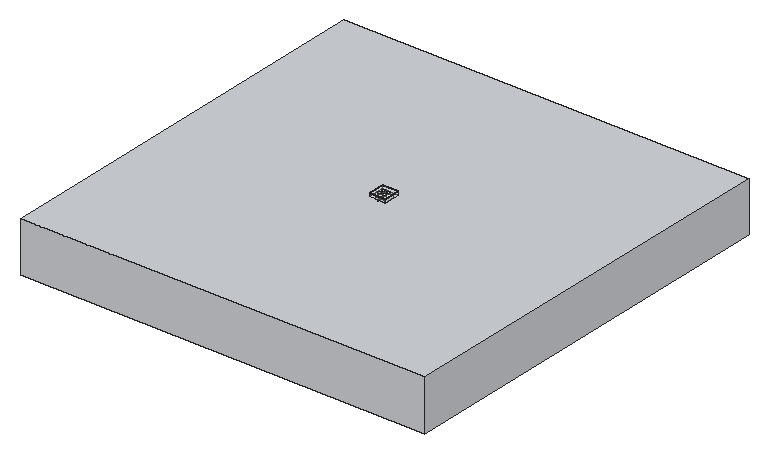
Revit family
Parameters (values of type "SURFACE-LED SUPPLY 500ma-DC")
  Wattage = 9.2903 W
  built-in parameter 1150110 = 1 (stored number, unit not read)
  built-in parameter 1114217 = 4 (stored number, unit not read)
  Tilt Angle = 90.00°
  built-in parameter 1150109 = 1 (stored number, unit not read)
  built-in parameter 1150134 = 1
  built-in parameter 1150113 = 1 (stored number, unit not read)
  Photometric Web File = "4L-S-40-WW-500.ies"
  Offset_Ceil = 0.000 mm
  built-in parameter 1150142 = "IESNA:LM-63-1995\r\n[TEST]\t\t142\r\n[MANUFAC]\tDelta Light NV\r\n[LUMCAT]\t0\r\n[LUMINAIRE]\tDOT.COM S4 WW module - 500 mA - lens 40°\r\n[LAMP]\t\tLED\r\n[DATE]\t\t2/09/2010 / Mafo\r\n[OTHER]\t\tEULUMDAT file:\r\n Q:\\LICHTMETINGEN\\Metingen\\100601\\Relux\\4L-S-40-WW-500.LDT\r\nTILT=NONE\r\n4 109.0 0.436 19 24 1 2 0.10 0.10 0.00\r\n1.0 1 10.0\r\n0.0 5.0 10.0 15.0 20.0 25.0 30.0 35.0 40.0 45.0 50.0 55.0 60.0 65.0 70.0 75.0 80.0 85.0 90.0\r\n0.0 15.0 30.0 45.0 60.0 75.0 90.0 105.0 120.0 135.0 150.0 165.0 180.0 195.0 210.0 225.0 240.0 255.0 270.0 285.0 300.0 315.0 330.0\r\n 345.0 360.0\r\n1482.8 1503.7 1453.8 1208.6 793.4 413.7 171.9 70.9 39.6 29.0 24.1 20.7 15.8 15.8 12.6 9.2 6.3 3.7 1.8\r\n1477.5 1508.1 1462.2 1220.0 811.2 428.5 176.5 75.0 40.8 29.3 24.3 20.8 18.4 15.9 12.4 9.1 6.3 3.7 2.0\r\n1477.2 1509.3 1455.1 1229.2 826.0 437.7 182.9 76.1 40.9 29.3 24.4 20.8 17.7 15.9 12.8 9.3 6.5 3.9 2.2\r\n1478.8 1510.5 1459.3 1234.0 832.9 435.2 181.7 75.5 40.0 29.3 24.3 20.7 18.3 15.8 12.4 9.1 6.3 3.8 2.2\r\n1483.2 1504.3 1448.4 1224.6 818.3 427.8 182.0 71.8 39.3 28.9 23.9 20.4 17.0 15.7 12.6 9.3 6.5 3.9 2.1\r\n1489.7 1501.8 1448.2 1227.3 823.9 435.3 180.9 75.3 40.3 28.9 24.0 20.5 18.2 15.8 12.4 9.1 6.3 3.7 1.8\r\n1488.8 1496.8 1447.3 1227.2 828.2 447.5 193.8 76.7 41.0 29.2 23.6 20.3 15.5 15.8 12.5 9.2 6.3 3.7 1.8\r\n1489.7 1501.8 1448.2 1227.3 823.9 435.3 180.9 75.3 40.3 28.9 24.0 20.5 18.2 15.8 12.4 9.1 6.3 3.7 1.8\r\n1483.2 1504.3 1448.4 1224.6 818.3 427.8 182.0 71.8 39.3 28.9 23.9 20.4 17.0 15.7 12.6 9.3 6.5 3.9 2.1\r\n1478.8 1510.5 1459.3 1234.0 832.9 435.2 181.7 75.5 40.0 29.3 24.3 20.7 18.3 15.8 12.4 9.1 6.3 3.8 2.2\r\n1477.2 1509.3 1455.1 1229.2 826.0 437.7 182.9 76.1 40.9 29.3 24.4 20.8 17.7 15.9 12.8 9.3 6.5 3.9 2.2\r\n1477.5 1508.1 1462.2 1220.0 811.2 428.5 176.5 75.0 40.8 29.3 24.3 20.8 18.4 15.9 12.4 9.1 6.3 3.7 2.0\r\n1482.8 1503.7 1453.8 1208.6 793.4 413.7 171.9 70.9 39.6 29.0 24.1 20.7 15.8 15.8 12.6 9.2 6.3 3.7 1.8\r\n1477.5 1508.1 1462.2 1220.0 811.2 428.5 176.5 75.0 40.8 29.3 24.3 20.8 18.4 15.9 12.4 9.1 6.3 3.7 2.0\r\n1477.2 1509.3 1455.1 1229.2 826.0 437.7 182.9 76.1 40.9 29.3 24.4 20.8 17.7 15.9 12.8 9.3 6.5 3.9 2.2\r\n1478.8 1510.5 1459.3 1234.0 832.9 435.2 181.7 75.5 40.0 29.3 24.3 20.7 18.3 15.8 12.4 9.1 6.3 3.8 2.2\r\n1483.2 1504.3 1448.4 1224.6 818.3 427.8 182.0 71.8 39.3 28.9 23.9 20.4 17.0 15.7 12.6 9.3 6.5 3.9 2.1\r\n1489.7 1501.8 1448.2 1227.3 823.9 435.3 180.9 75.3 40.3 28.9 24.0 20.5 18.2 15.8 12.4 9.1 6.3 3.7 1.8\r\n1488.8 1496.8 1447.3 1227.2 828.2 447.5 193.8 76.7 41.0 29.2 23.6 20.3 15.5 15.8 12.5 9.2 6.3 3.7 1.8\r\n1489.7 1501.8 1448.2 1227.3 823.9 435.3 180.9 75.3 40.3 28.9 24.0 20.5 18.2 15.8 12.4 9.1 6.3 3.7 1.8\r\n1483.2 1504.3 1448.4 1224.6 818.3 427.8 182.0 71.8 39.3 28.9 23.9 20.4 17.0 15.7 12.6 9.3 6.5 3.9 2.1\r\n1478.8 1510.5 1459.3 1234.0 832.9 435.2 181.7 75.5 40.0 29.3 24.3 20.7 18.3 15.8 12.4 9.1 6.3 3.8 2.2\r\n1477.2 1509.3 1455.1 1229.2 826.0 437.7 182.9 76.1 40.9 29.3 24.4 20.8 17.7 15.9 12.8 9.3 6.5 3.9 2.2\r\n1477.5 1508.1 1462.2 1220.0 811.2 428.5 176.5 75.0 40.8 29.3 24.3 20.8 18.4 15.9 12.4 9.1 6.3 3.7 2.0\r\n1482.8 1503.7 1453.8 1208.6 793.4 413.7 171.9 70.9 39.6 29.0 24.1 20.7 15.8 15.8 12.6 9.2 6.3 3.7 1.8\r\n"
  built-in parameter 1150105 = 109.82 (stored number, unit not read)
  Lumens = 1380 lm
  built-in parameter 1150115 = 1 (stored number, unit not read)
  Load Classification = Lighting - Dwelling Unit
  built-in parameter 1150137 = (empty or 0)
  built-in parameter 1150139 = (empty or 0)
  Light Box Material = Metal - Paint Finish - Ivory, Glossy
  built-in parameter 1150112 = 1 (stored number, unit not read)
  built-in parameter 1150114 = 1 (stored number, unit not read)
  Lamp = "T-12"
  built-in parameter 1150132 = (empty or 0)
  built-in parameter 1150102 = (empty or 0)
  built-in parameter 1150107 = 6500 (stored number, unit not read)
  built-in parameter 1150138 = (empty or 0)
  built-in parameter 1150106 = 1.0982 (stored number, unit not read)
  Emit from Rectangle Width = 100.000 mm
  Emit from Rectangle Length = 100.000 mm
  Emit Shape Visible in Rendering = no
  built-in parameter 1150104 = 13.8 (stored number, unit not read)
  Dimming Lamp Color Temperature Shift = (empty or 0)
  Diffuser Material = Glass - White, High Luminance
  Default Elevation = 1219.200 mm
  Color Filter = 16777215
  built-in parameter 1140040 [instance] = 1
  Ballast Voltage = 277 V
  Ballast Number of Poles = 1
  built-in parameter 1114218 = 1 (stored number, unit not read)
  built-in parameter 1150133 = 10 (stored number, unit not read)
  Assembly Code = "D5020210"
  Apparent Load = 80 VA
Types (4, lengths in mm): name | built-in parameter 1150134 | Photometric Web File | Offset_Ceil | built-in parameter 1150142 | built-in parameter 1150107
  RECESSED-LED SUPPLY 350ma-DC | 3 | "4L-S-40-WW-350.ies" | 12.000 | "IESNA:LM-63-1995\r\n[TEST]\t\t141\r\n[MANUFAC]\tDelta Light NV\r\n[LUMCAT]\t0\r\n[LUMINAIRE]\tDOT.COM S4 WW module - 350 mA - lens 40°\r\n[LAMP]\t\tLED\r\n[DATE]\t\t2/09/2010 / Mafo\r\n[OTHER]\t\tEULUMDAT file:\r\n Q:\\LICHTMETINGEN\\Metingen\\100601\\Relux\\4L-S-40-WW-350.ldt\r\nTILT=NONE\r\n4 80.5 0.322 19 24 1 2 0.10 0.10 0.00\r\n1.0 1 6.0\r\n0.0 5.0 10.0 15.0 20.0 25.0 30.0 35.0 40.0 45.0 50.0 55.0 60.0 65.0 70.0 75.0 80.0 85.0 90.0\r\n0.0 15.0 30.0 45.0 60.0 75.0 90.0 105.0 120.0 135.0 150.0 165.0 180.0 195.0 210.0 225.0 240.0 255.0 270.0 285.0 300.0 315.0 330.0\r\n 345.0 360.0\r\n1575.7 1616.7 1567.8 1298.9 848.0 440.6 169.4 74.8 41.5 30.4 25.3 21.9 20.3 16.9 13.4 9.9 6.8 4.0 2.0\r\n1575.5 1612.0 1566.3 1313.3 877.3 464.6 185.2 80.5 43.6 31.5 26.1 24.0 20.5 17.1 13.5 9.9 6.8 4.0 2.2\r\n1574.2 1610.3 1551.0 1312.8 881.7 469.4 188.0 82.7 44.4 31.8 26.4 21.4 20.9 17.5 13.8 10.1 7.0 4.2 2.3\r\n1577.3 1609.2 1550.1 1307.0 880.6 465.2 186.5 81.6 43.3 31.6 26.1 23.4 20.4 17.0 13.4 9.8 6.8 4.0 2.3\r\n1583.6 1605.3 1540.4 1298.9 864.1 455.0 183.4 77.5 42.8 31.3 25.8 21.8 20.5 17.2 13.6 10.0 7.0 4.2 2.3\r\n1588.4 1603.9 1544.3 1305.7 875.2 463.8 189.1 81.3 43.8 31.4 25.9 23.9 20.5 17.0 13.5 9.9 6.8 4.0 2.0\r\n1590.5 1593.9 1539.2 1302.3 880.7 475.2 196.1 84.0 44.7 31.5 25.6 21.0 20.5 17.1 13.5 9.9 6.8 4.0 2.0\r\n1588.4 1603.9 1544.3 1305.7 875.2 463.8 189.1 81.3 43.8 31.4 25.9 23.9 20.5 17.0 13.5 9.9 6.8 4.0 2.0\r\n1583.6 1605.3 1540.4 1298.9 864.1 455.0 183.4 77.5 42.8 31.3 25.8 21.8 20.5 17.2 13.6 10.0 7.0 4.2 2.3\r\n1577.3 1609.2 1550.1 1307.0 880.6 465.2 186.5 81.6 43.3 31.6 26.1 23.4 20.4 17.0 13.4 9.8 6.8 4.0 2.3\r\n1574.2 1610.3 1551.0 1312.8 881.7 469.4 188.0 82.7 44.4 31.8 26.4 21.4 20.9 17.5 13.8 10.1 7.0 4.2 2.3\r\n1575.5 1612.0 1566.3 1313.3 877.3 464.6 185.2 80.5 43.6 31.5 26.1 24.0 20.5 17.1 13.5 9.9 6.8 4.0 2.2\r\n1575.7 1616.7 1567.8 1298.9 848.0 440.6 169.4 74.8 41.5 30.4 25.3 21.9 20.3 16.9 13.4 9.9 6.8 4.0 2.0\r\n1575.5 1612.0 1566.3 1313.3 877.3 464.6 185.2 80.5 43.6 31.5 26.1 24.0 20.5 17.1 13.5 9.9 6.8 4.0 2.2\r\n1574.2 1610.3 1551.0 1312.8 881.7 469.4 188.0 82.7 44.4 31.8 26.4 21.4 20.9 17.5 13.8 10.1 7.0 4.2 2.3\r\n1577.3 1609.2 1550.1 1307.0 880.6 465.2 186.5 81.6 43.3 31.6 26.1 23.4 20.4 17.0 13.4 9.8 6.8 4.0 2.3\r\n1583.6 1605.3 1540.4 1298.9 864.1 455.0 183.4 77.5 42.8 31.3 25.8 21.8 20.5 17.2 13.6 10.0 7.0 4.2 2.3\r\n1588.4 1603.9 1544.3 1305.7 875.2 463.8 189.1 81.3 43.8 31.4 25.9 23.9 20.5 17.0 13.5 9.9 6.8 4.0 2.0\r\n1590.5 1593.9 1539.2 1302.3 880.7 475.2 196.1 84.0 44.7 31.5 25.6 21.0 20.5 17.1 13.5 9.9 6.8 4.0 2.0\r\n1588.4 1603.9 1544.3 1305.7 875.2 463.8 189.1 81.3 43.8 31.4 25.9 23.9 20.5 17.0 13.5 9.9 6.8 4.0 2.0\r\n1583.6 1605.3 1540.4 1298.9 864.1 455.0 183.4 77.5 42.8 31.3 25.8 21.8 20.5 17.2 13.6 10.0 7.0 4.2 2.3\r\n1577.3 1609.2 1550.1 1307.0 880.6 465.2 186.5 81.6 43.3 31.6 26.1 23.4 20.4 17.0 13.4 9.8 6.8 4.0 2.3\r\n1574.2 1610.3 1551.0 1312.8 881.7 469.4 188.0 82.7 44.4 31.8 26.4 21.4 20.9 17.5 13.8 10.1 7.0 4.2 2.3\r\n1575.5 1612.0 1566.3 1313.3 877.3 464.6 185.2 80.5 43.6 31.5 26.1 24.0 20.5 17.1 13.5 9.9 6.8 4.0 2.2\r\n1575.7 1616.7 1567.8 1298.9 848.0 440.6 169.4 74.8 41.5 30.4 25.3 21.9 20.3 16.9 13.4 9.9 6.8 4.0 2.0\r\n" | 3200 (stored number, unit not read)
  SURFACE-LED SUPPLY 350ma-DC | 1 | "4L-S-40-WW-350.ies" | 0.000 | "IESNA:LM-63-1995\r\n[TEST]\t\t141\r\n[MANUFAC]\tDelta Light NV\r\n[LUMCAT]\t0\r\n[LUMINAIRE]\tDOT.COM S4 WW module - 350 mA - lens 40°\r\n[LAMP]\t\tLED\r\n[DATE]\t\t2/09/2010 / Mafo\r\n[OTHER]\t\tEULUMDAT file:\r\n Q:\\LICHTMETINGEN\\Metingen\\100601\\Relux\\4L-S-40-WW-350.ldt\r\nTILT=NONE\r\n4 80.5 0.322 19 24 1 2 0.10 0.10 0.00\r\n1.0 1 6.0\r\n0.0 5.0 10.0 15.0 20.0 25.0 30.0 35.0 40.0 45.0 50.0 55.0 60.0 65.0 70.0 75.0 80.0 85.0 90.0\r\n0.0 15.0 30.0 45.0 60.0 75.0 90.0 105.0 120.0 135.0 150.0 165.0 180.0 195.0 210.0 225.0 240.0 255.0 270.0 285.0 300.0 315.0 330.0\r\n 345.0 360.0\r\n1575.7 1616.7 1567.8 1298.9 848.0 440.6 169.4 74.8 41.5 30.4 25.3 21.9 20.3 16.9 13.4 9.9 6.8 4.0 2.0\r\n1575.5 1612.0 1566.3 1313.3 877.3 464.6 185.2 80.5 43.6 31.5 26.1 24.0 20.5 17.1 13.5 9.9 6.8 4.0 2.2\r\n1574.2 1610.3 1551.0 1312.8 881.7 469.4 188.0 82.7 44.4 31.8 26.4 21.4 20.9 17.5 13.8 10.1 7.0 4.2 2.3\r\n1577.3 1609.2 1550.1 1307.0 880.6 465.2 186.5 81.6 43.3 31.6 26.1 23.4 20.4 17.0 13.4 9.8 6.8 4.0 2.3\r\n1583.6 1605.3 1540.4 1298.9 864.1 455.0 183.4 77.5 42.8 31.3 25.8 21.8 20.5 17.2 13.6 10.0 7.0 4.2 2.3\r\n1588.4 1603.9 1544.3 1305.7 875.2 463.8 189.1 81.3 43.8 31.4 25.9 23.9 20.5 17.0 13.5 9.9 6.8 4.0 2.0\r\n1590.5 1593.9 1539.2 1302.3 880.7 475.2 196.1 84.0 44.7 31.5 25.6 21.0 20.5 17.1 13.5 9.9 6.8 4.0 2.0\r\n1588.4 1603.9 1544.3 1305.7 875.2 463.8 189.1 81.3 43.8 31.4 25.9 23.9 20.5 17.0 13.5 9.9 6.8 4.0 2.0\r\n1583.6 1605.3 1540.4 1298.9 864.1 455.0 183.4 77.5 42.8 31.3 25.8 21.8 20.5 17.2 13.6 10.0 7.0 4.2 2.3\r\n1577.3 1609.2 1550.1 1307.0 880.6 465.2 186.5 81.6 43.3 31.6 26.1 23.4 20.4 17.0 13.4 9.8 6.8 4.0 2.3\r\n1574.2 1610.3 1551.0 1312.8 881.7 469.4 188.0 82.7 44.4 31.8 26.4 21.4 20.9 17.5 13.8 10.1 7.0 4.2 2.3\r\n1575.5 1612.0 1566.3 1313.3 877.3 464.6 185.2 80.5 43.6 31.5 26.1 24.0 20.5 17.1 13.5 9.9 6.8 4.0 2.2\r\n1575.7 1616.7 1567.8 1298.9 848.0 440.6 169.4 74.8 41.5 30.4 25.3 21.9 20.3 16.9 13.4 9.9 6.8 4.0 2.0\r\n1575.5 1612.0 1566.3 1313.3 877.3 464.6 185.2 80.5 43.6 31.5 26.1 24.0 20.5 17.1 13.5 9.9 6.8 4.0 2.2\r\n1574.2 1610.3 1551.0 1312.8 881.7 469.4 188.0 82.7 44.4 31.8 26.4 21.4 20.9 17.5 13.8 10.1 7.0 4.2 2.3\r\n1577.3 1609.2 1550.1 1307.0 880.6 465.2 186.5 81.6 43.3 31.6 26.1 23.4 20.4 17.0 13.4 9.8 6.8 4.0 2.3\r\n1583.6 1605.3 1540.4 1298.9 864.1 455.0 183.4 77.5 42.8 31.3 25.8 21.8 20.5 17.2 13.6 10.0 7.0 4.2 2.3\r\n1588.4 1603.9 1544.3 1305.7 875.2 463.8 189.1 81.3 43.8 31.4 25.9 23.9 20.5 17.0 13.5 9.9 6.8 4.0 2.0\r\n1590.5 1593.9 1539.2 1302.3 880.7 475.2 196.1 84.0 44.7 31.5 25.6 21.0 20.5 17.1 13.5 9.9 6.8 4.0 2.0\r\n1588.4 1603.9 1544.3 1305.7 875.2 463.8 189.1 81.3 43.8 31.4 25.9 23.9 20.5 17.0 13.5 9.9 6.8 4.0 2.0\r\n1583.6 1605.3 1540.4 1298.9 864.1 455.0 183.4 77.5 42.8 31.3 25.8 21.8 20.5 17.2 13.6 10.0 7.0 4.2 2.3\r\n1577.3 1609.2 1550.1 1307.0 880.6 465.2 186.5 81.6 43.3 31.6 26.1 23.4 20.4 17.0 13.4 9.8 6.8 4.0 2.3\r\n1574.2 1610.3 1551.0 1312.8 881.7 469.4 188.0 82.7 44.4 31.8 26.4 21.4 20.9 17.5 13.8 10.1 7.0 4.2 2.3\r\n1575.5 1612.0 1566.3 1313.3 877.3 464.6 185.2 80.5 43.6 31.5 26.1 24.0 20.5 17.1 13.5 9.9 6.8 4.0 2.2\r\n1575.7 1616.7 1567.8 1298.9 848.0 440.6 169.4 74.8 41.5 30.4 25.3 21.9 20.3 16.9 13.4 9.9 6.8 4.0 2.0\r\n" | 6500 (stored number, unit not read)
  SURFACE-LED SUPPLY 500ma-DC | 1 | "4L-S-40-WW-500.ies" | 0.000 | "IESNA:LM-63-1995\r\n[TEST]\t\t142\r\n[MANUFAC]\tDelta Light NV\r\n[LUMCAT]\t0\r\n[LUMINAIRE]\tDOT.COM S4 WW module - 500 mA - lens 40°\r\n[LAMP]\t\tLED\r\n[DATE]\t\t2/09/2010 / Mafo\r\n[OTHER]\t\tEULUMDAT file:\r\n Q:\\LICHTMETINGEN\\Metingen\\100601\\Relux\\4L-S-40-WW-500.LDT\r\nTILT=NONE\r\n4 109.0 0.436 19 24 1 2 0.10 0.10 0.00\r\n1.0 1 10.0\r\n0.0 5.0 10.0 15.0 20.0 25.0 30.0 35.0 40.0 45.0 50.0 55.0 60.0 65.0 70.0 75.0 80.0 85.0 90.0\r\n0.0 15.0 30.0 45.0 60.0 75.0 90.0 105.0 120.0 135.0 150.0 165.0 180.0 195.0 210.0 225.0 240.0 255.0 270.0 285.0 300.0 315.0 330.0\r\n 345.0 360.0\r\n1482.8 1503.7 1453.8 1208.6 793.4 413.7 171.9 70.9 39.6 29.0 24.1 20.7 15.8 15.8 12.6 9.2 6.3 3.7 1.8\r\n1477.5 1508.1 1462.2 1220.0 811.2 428.5 176.5 75.0 40.8 29.3 24.3 20.8 18.4 15.9 12.4 9.1 6.3 3.7 2.0\r\n1477.2 1509.3 1455.1 1229.2 826.0 437.7 182.9 76.1 40.9 29.3 24.4 20.8 17.7 15.9 12.8 9.3 6.5 3.9 2.2\r\n1478.8 1510.5 1459.3 1234.0 832.9 435.2 181.7 75.5 40.0 29.3 24.3 20.7 18.3 15.8 12.4 9.1 6.3 3.8 2.2\r\n1483.2 1504.3 1448.4 1224.6 818.3 427.8 182.0 71.8 39.3 28.9 23.9 20.4 17.0 15.7 12.6 9.3 6.5 3.9 2.1\r\n1489.7 1501.8 1448.2 1227.3 823.9 435.3 180.9 75.3 40.3 28.9 24.0 20.5 18.2 15.8 12.4 9.1 6.3 3.7 1.8\r\n1488.8 1496.8 1447.3 1227.2 828.2 447.5 193.8 76.7 41.0 29.2 23.6 20.3 15.5 15.8 12.5 9.2 6.3 3.7 1.8\r\n1489.7 1501.8 1448.2 1227.3 823.9 435.3 180.9 75.3 40.3 28.9 24.0 20.5 18.2 15.8 12.4 9.1 6.3 3.7 1.8\r\n1483.2 1504.3 1448.4 1224.6 818.3 427.8 182.0 71.8 39.3 28.9 23.9 20.4 17.0 15.7 12.6 9.3 6.5 3.9 2.1\r\n1478.8 1510.5 1459.3 1234.0 832.9 435.2 181.7 75.5 40.0 29.3 24.3 20.7 18.3 15.8 12.4 9.1 6.3 3.8 2.2\r\n1477.2 1509.3 1455.1 1229.2 826.0 437.7 182.9 76.1 40.9 29.3 24.4 20.8 17.7 15.9 12.8 9.3 6.5 3.9 2.2\r\n1477.5 1508.1 1462.2 1220.0 811.2 428.5 176.5 75.0 40.8 29.3 24.3 20.8 18.4 15.9 12.4 9.1 6.3 3.7 2.0\r\n1482.8 1503.7 1453.8 1208.6 793.4 413.7 171.9 70.9 39.6 29.0 24.1 20.7 15.8 15.8 12.6 9.2 6.3 3.7 1.8\r\n1477.5 1508.1 1462.2 1220.0 811.2 428.5 176.5 75.0 40.8 29.3 24.3 20.8 18.4 15.9 12.4 9.1 6.3 3.7 2.0\r\n1477.2 1509.3 1455.1 1229.2 826.0 437.7 182.9 76.1 40.9 29.3 24.4 20.8 17.7 15.9 12.8 9.3 6.5 3.9 2.2\r\n1478.8 1510.5 1459.3 1234.0 832.9 435.2 181.7 75.5 40.0 29.3 24.3 20.7 18.3 15.8 12.4 9.1 6.3 3.8 2.2\r\n1483.2 1504.3 1448.4 1224.6 818.3 427.8 182.0 71.8 39.3 28.9 23.9 20.4 17.0 15.7 12.6 9.3 6.5 3.9 2.1\r\n1489.7 1501.8 1448.2 1227.3 823.9 435.3 180.9 75.3 40.3 28.9 24.0 20.5 18.2 15.8 12.4 9.1 6.3 3.7 1.8\r\n1488.8 1496.8 1447.3 1227.2 828.2 447.5 193.8 76.7 41.0 29.2 23.6 20.3 15.5 15.8 12.5 9.2 6.3 3.7 1.8\r\n1489.7 1501.8 1448.2 1227.3 823.9 435.3 180.9 75.3 40.3 28.9 24.0 20.5 18.2 15.8 12.4 9.1 6.3 3.7 1.8\r\n1483.2 1504.3 1448.4 1224.6 818.3 427.8 182.0 71.8 39.3 28.9 23.9 20.4 17.0 15.7 12.6 9.3 6.5 3.9 2.1\r\n1478.8 1510.5 1459.3 1234.0 832.9 435.2 181.7 75.5 40.0 29.3 24.3 20.7 18.3 15.8 12.4 9.1 6.3 3.8 2.2\r\n1477.2 1509.3 1455.1 1229.2 826.0 437.7 182.9 76.1 40.9 29.3 24.4 20.8 17.7 15.9 12.8 9.3 6.5 3.9 2.2\r\n1477.5 1508.1 1462.2 1220.0 811.2 428.5 176.5 75.0 40.8 29.3 24.3 20.8 18.4 15.9 12.4 9.1 6.3 3.7 2.0\r\n1482.8 1503.7 1453.8 1208.6 793.4 413.7 171.9 70.9 39.6 29.0 24.1 20.7 15.8 15.8 12.6 9.2 6.3 3.7 1.8\r\n" | 6500 (stored number, unit not read)
  RECESSED-LED SUPPLY 500ma-DC | 3 | "4L-S-40-WW-500.ies" | 12.000 | "IESNA:LM-63-1995\r\n[TEST]\t\t142\r\n[MANUFAC]\tDelta Light NV\r\n[LUMCAT]\t0\r\n[LUMINAIRE]\tDOT.COM S4 WW module - 500 mA - lens 40°\r\n[LAMP]\t\tLED\r\n[DATE]\t\t2/09/2010 / Mafo\r\n[OTHER]\t\tEULUMDAT file:\r\n Q:\\LICHTMETINGEN\\Metingen\\100601\\Relux\\4L-S-40-WW-500.LDT\r\nTILT=NONE\r\n4 109.0 0.436 19 24 1 2 0.10 0.10 0.00\r\n1.0 1 10.0\r\n0.0 5.0 10.0 15.0 20.0 25.0 30.0 35.0 40.0 45.0 50.0 55.0 60.0 65.0 70.0 75.0 80.0 85.0 90.0\r\n0.0 15.0 30.0 45.0 60.0 75.0 90.0 105.0 120.0 135.0 150.0 165.0 180.0 195.0 210.0 225.0 240.0 255.0 270.0 285.0 300.0 315.0 330.0\r\n 345.0 360.0\r\n1482.8 1503.7 1453.8 1208.6 793.4 413.7 171.9 70.9 39.6 29.0 24.1 20.7 15.8 15.8 12.6 9.2 6.3 3.7 1.8\r\n1477.5 1508.1 1462.2 1220.0 811.2 428.5 176.5 75.0 40.8 29.3 24.3 20.8 18.4 15.9 12.4 9.1 6.3 3.7 2.0\r\n1477.2 1509.3 1455.1 1229.2 826.0 437.7 182.9 76.1 40.9 29.3 24.4 20.8 17.7 15.9 12.8 9.3 6.5 3.9 2.2\r\n1478.8 1510.5 1459.3 1234.0 832.9 435.2 181.7 75.5 40.0 29.3 24.3 20.7 18.3 15.8 12.4 9.1 6.3 3.8 2.2\r\n1483.2 1504.3 1448.4 1224.6 818.3 427.8 182.0 71.8 39.3 28.9 23.9 20.4 17.0 15.7 12.6 9.3 6.5 3.9 2.1\r\n1489.7 1501.8 1448.2 1227.3 823.9 435.3 180.9 75.3 40.3 28.9 24.0 20.5 18.2 15.8 12.4 9.1 6.3 3.7 1.8\r\n1488.8 1496.8 1447.3 1227.2 828.2 447.5 193.8 76.7 41.0 29.2 23.6 20.3 15.5 15.8 12.5 9.2 6.3 3.7 1.8\r\n1489.7 1501.8 1448.2 1227.3 823.9 435.3 180.9 75.3 40.3 28.9 24.0 20.5 18.2 15.8 12.4 9.1 6.3 3.7 1.8\r\n1483.2 1504.3 1448.4 1224.6 818.3 427.8 182.0 71.8 39.3 28.9 23.9 20.4 17.0 15.7 12.6 9.3 6.5 3.9 2.1\r\n1478.8 1510.5 1459.3 1234.0 832.9 435.2 181.7 75.5 40.0 29.3 24.3 20.7 18.3 15.8 12.4 9.1 6.3 3.8 2.2\r\n1477.2 1509.3 1455.1 1229.2 826.0 437.7 182.9 76.1 40.9 29.3 24.4 20.8 17.7 15.9 12.8 9.3 6.5 3.9 2.2\r\n1477.5 1508.1 1462.2 1220.0 811.2 428.5 176.5 75.0 40.8 29.3 24.3 20.8 18.4 15.9 12.4 9.1 6.3 3.7 2.0\r\n1482.8 1503.7 1453.8 1208.6 793.4 413.7 171.9 70.9 39.6 29.0 24.1 20.7 15.8 15.8 12.6 9.2 6.3 3.7 1.8\r\n1477.5 1508.1 1462.2 1220.0 811.2 428.5 176.5 75.0 40.8 29.3 24.3 20.8 18.4 15.9 12.4 9.1 6.3 3.7 2.0\r\n1477.2 1509.3 1455.1 1229.2 826.0 437.7 182.9 76.1 40.9 29.3 24.4 20.8 17.7 15.9 12.8 9.3 6.5 3.9 2.2\r\n1478.8 1510.5 1459.3 1234.0 832.9 435.2 181.7 75.5 40.0 29.3 24.3 20.7 18.3 15.8 12.4 9.1 6.3 3.8 2.2\r\n1483.2 1504.3 1448.4 1224.6 818.3 427.8 182.0 71.8 39.3 28.9 23.9 20.4 17.0 15.7 12.6 9.3 6.5 3.9 2.1\r\n1489.7 1501.8 1448.2 1227.3 823.9 435.3 180.9 75.3 40.3 28.9 24.0 20.5 18.2 15.8 12.4 9.1 6.3 3.7 1.8\r\n1488.8 1496.8 1447.3 1227.2 828.2 447.5 193.8 76.7 41.0 29.2 23.6 20.3 15.5 15.8 12.5 9.2 6.3 3.7 1.8\r\n1489.7 1501.8 1448.2 1227.3 823.9 435.3 180.9 75.3 40.3 28.9 24.0 20.5 18.2 15.8 12.4 9.1 6.3 3.7 1.8\r\n1483.2 1504.3 1448.4 1224.6 818.3 427.8 182.0 71.8 39.3 28.9 23.9 20.4 17.0 15.7 12.6 9.3 6.5 3.9 2.1\r\n1478.8 1510.5 1459.3 1234.0 832.9 435.2 181.7 75.5 40.0 29.3 24.3 20.7 18.3 15.8 12.4 9.1 6.3 3.8 2.2\r\n1477.2 1509.3 1455.1 1229.2 826.0 437.7 182.9 76.1 40.9 29.3 24.4 20.8 17.7 15.9 12.8 9.3 6.5 3.9 2.2\r\n1477.5 1508.1 1462.2 1220.0 811.2 428.5 176.5 75.0 40.8 29.3 24.3 20.8 18.4 15.9 12.4 9.1 6.3 3.7 2.0\r\n1482.8 1503.7 1453.8 1208.6 793.4 413.7 171.9 70.9 39.6 29.0 24.1 20.7 15.8 15.8 12.6 9.2 6.3 3.7 1.8\r\n" | 3200 (stored number, unit not read)
Reference planes
  plane 1 "Center (Front/Back)": y = 0
  plane 2: z = 0
  plane 3 "Center (Left/Right)": x = 0
  plane 4 "Light Source": z = 36
  plane 5: z = 0
  plane 6: y = 15
  plane 7: y = -15
  plane 8: x = 15
  plane 9: x = -15
  plane 10: y = -44
Forms (mm)
  Extrusion 1, solid
    sketch origin (0, 0, 0) x (1, 0, 0) y (0, 1, 0)
      loop
        line (-1219.2, 1219.2) -> (-1219.2, -1219.2) -> (1219.2, -1219.2) -> (1219.2, 1219.2) -> (-1219.2, 1219.2)
    from 0 to -304.8
  Extrusion 2, solid, material "Metal - Paint Finish - Ivory, Glossy"
    sketch origin (-305.491, -4572, 0) x (-1, 0, 0) y (0, -1, 0)
      loop
        line (-275.491, -4602) -> (-275.491, -4542) -> (-335.491, -4542) -> (-335.491, -4602) -> (-275.491, -4602)
    from 0 to 12
  Extrusion 3, void
    sketch origin (-305.491, -4572, 0) x (0, -1, 0) y (-1, 0, 0)
      loop
        line (-4602, -275.491) -> (-4602, -335.491) -> (-4542, -335.491) -> (-4542, -275.491) -> (-4602, -275.491)
    from 0 to -12
  Extrusion 4, solid, material "Glass - White, Medium Luminance"
    sketch origin (-305.491, -4572, 0) x (-1, 0, 0) y (0, -1, 0)
      loop
        line (-255.491, -4622) -> (-255.491, -4522) -> (-355.491, -4522) -> (-355.491, -4622) -> (-255.491, -4622)
    from 12 to 32
  Extrusion 5, solid, material "Glass - White, Medium Luminance"
    sketch origin (-305.491, -4572, 0) x (-1, 0, 0) y (0, -1, 0)
      loop
        line (-255.491, -4622) -> (-255.491, -4522) -> (-355.491, -4522) -> (-355.491, -4622) -> (-255.491, -4622)
      loop
        line (-354.491, -4523) -> (-354.491, -4621) -> (-256.491, -4621) -> (-256.491, -4523) -> (-354.491, -4523)
    from 32 to 36
  Revolve 6, void
    sketch origin (-25, -15, 1219.2) x (-1, 0, 0) y (0, 0, 1)
      loop
        arc (-40, -1199.2) -> (-37.561, -1198.592) -> (-35.302, -1197.49) r 11.998
        arc (-35.302, -1197.49) -> (-31.238, -1193.073) -> (-30, -1187.2) r 11.331
        line (-30, -1187.2) -> (-40, -1187.2) -> (-40, -1199.2)
      axis (-40, -1187.2) -> (-40, -1199.2)
    angle from 0 to 360
  Revolve 7, void
    sketch origin (25, 15, 1219.2) x (1, 0, 0) y (0, 0, -1)
      loop
        line (-40, 1199.2) -> (-40, 1187.2) -> (-30, 1187.2)
        arc (-30, 1187.2) -> (-31.238, 1193.073) -> (-35.302, 1197.49) r 11.331
        arc (-35.302, 1197.49) -> (-37.561, 1198.592) -> (-40, 1199.2) r 11.998
      axis (-40, 1187.2) -> (-40, 1199.2)
    angle from 0 to 360
  Revolve 8, void
    sketch origin (25, -15, 1219.2) x (1, 0, 0) y (0, 0, -1)
      loop
        line (-40, 1199.2) -> (-40, 1187.2) -> (-30, 1187.2)
        arc (-30, 1187.2) -> (-31.238, 1193.073) -> (-35.302, 1197.49) r 11.331
        arc (-35.302, 1197.49) -> (-37.561, 1198.592) -> (-40, 1199.2) r 11.998
      axis (-40, 1187.2) -> (-40, 1199.2)
    angle from 0 to 360
  Revolve 9, void
    sketch origin (55, 15, 1219.2) x (1, 0, 0) y (0, 0, -1)
      loop
        line (-40, 1199.2) -> (-40, 1187.2) -> (-30, 1187.2)
        arc (-30, 1187.2) -> (-31.238, 1193.073) -> (-35.302, 1197.49) r 11.331
        arc (-35.302, 1197.49) -> (-37.561, 1198.592) -> (-40, 1199.2) r 11.998
      axis (-40, 1187.2) -> (-40, 1199.2)
    angle from 0 to 360
  Extrusion 10, solid, material "Glass - White, High Luminance"
    sketch origin (-305.491, -4572, 32) x (-1, 0, 0) y (0, -1, 0)
      loop
        circle (-290.491, -4587) r 10
      loop
        circle (-320.491, -4587) r 10
      loop
        circle (-320.491, -4557) r 10
      loop
        circle (-290.491, -4557) r 10
    from 0 to -2
  Extrusion 11, solid
    sketch origin (-305.491, -4572, 12) x (0, -1, 0) y (-1, 0, 0)
      loop
        circle (-4528, -305.491) r 3
    from 0 to 2
Cuts and joins
  Revolve 6, Revolve 7, Revolve 8, Revolve 9 cuts Extrusion 4
  Revolve 6, Revolve 7, Revolve 8, Revolve 9 cuts Extrusion 5
Dimensions and locks
  "Offset_Ceil": plane 2 to plane 5
  locked: plane 4 "Light Source" to plane 5 at 36
  locked: plane 4 "Light Source" to Revolve 6 sketch curve at 4
  locked: plane 4 "Light Source" to Revolve 6 sketch curve at 16
  locked: cut or joined group of Extrusion 5, Revolve 6, Revolve 7, Revolve 8, Revolve 9 to plane 10 at 6
  aligned and locked: plane 2 to Extrusion 1
  aligned and locked: level to Extrusion 1
Automatic sketch dimensions
  Extrusion 1 sketch curve to Extrusion 1 sketch curve = 2438.400 mm  (x2)
  plane 8 to Extrusion 2 sketch curve = 15.000 mm
  Extrusion 2 sketch curve to plane 9 = 15.000 mm
  plane 6 to Extrusion 2 sketch curve = 15.000 mm
  plane 7 to Extrusion 2 sketch curve = 15.000 mm
  plane 6 to Extrusion 3 sketch curve = 15.000 mm
  plane 7 to Extrusion 3 sketch curve = 15.000 mm
  Extrusion 3 sketch curve to plane 9 = 15.000 mm
  plane 8 to Extrusion 3 sketch curve = 15.000 mm
  plane 8 to Extrusion 4 sketch curve = 35.000 mm
  Extrusion 4 sketch curve to plane 9 = 35.000 mm
  plane 6 to Extrusion 4 sketch curve = 35.000 mm
  plane 7 to Extrusion 4 sketch curve = 35.000 mm
  plane 8 to Extrusion 5 sketch curve = 35.000 mm
  Extrusion 5 sketch curve to Extrusion 5 sketch curve = 1.000 mm  (x4)
  Extrusion 5 sketch curve to plane 9 = 34.000 mm
  plane 6 to Extrusion 5 sketch curve = 35.000 mm
  plane 7 to Extrusion 5 sketch curve = 34.000 mm
  Revolve 6 sketch curve to plane 8 = 0.000 mm  (x2)
  Revolve 6 sketch curve to plane 8 = 1.311 mm
  Revolve 6 sketch curve to Revolve 6 sketch curve = 0.353 mm
  plane 8 to Revolve 6 sketch curve = 4.698 mm
  Revolve 6 sketch curve to Revolve 6 sketch curve = 0.000 mm
  Revolve 6 sketch curve to plane 3 "Center (Left/Right)" = 5.000 mm
  Revolve 6 sketch curve to level = 2.350 mm
  Revolve 6 sketch curve to plane 4 "Light Source" = 2.841 mm
  Revolve 7 sketch curve to plane 9 = 0.000 mm  (x2)
  Revolve 7 sketch curve to plane 9 = 1.311 mm
  Revolve 7 sketch curve to Revolve 7 sketch curve = 0.353 mm
  plane 9 to Revolve 7 sketch curve = 4.698 mm
  Revolve 7 sketch curve to Revolve 7 sketch curve = 0.000 mm
  Revolve 7 sketch curve to plane 3 "Center (Left/Right)" = 5.000 mm
  plane 4 "Light Source" to Revolve 7 sketch curve = 2.841 mm
  Revolve 7 sketch curve to plane 4 "Light Source" = 4.000 mm
  Revolve 7 sketch curve to Revolve 7 sketch curve = 0.118 mm
  level to Revolve 7 sketch curve = 2.350 mm
  Revolve 8 sketch curve to plane 9 = 0.000 mm  (x2)
  Revolve 8 sketch curve to plane 9 = 1.311 mm
  Revolve 8 sketch curve to Revolve 8 sketch curve = 0.353 mm
  plane 9 to Revolve 8 sketch curve = 4.698 mm
  Revolve 8 sketch curve to Revolve 8 sketch curve = 0.000 mm
  Revolve 8 sketch curve to plane 3 "Center (Left/Right)" = 5.000 mm
  plane 4 "Light Source" to Revolve 8 sketch curve = 2.841 mm
  Revolve 8 sketch curve to plane 4 "Light Source" = 4.000 mm
  Revolve 8 sketch curve to Revolve 8 sketch curve = 0.118 mm
  level to Revolve 8 sketch curve = 2.350 mm
  Revolve 9 sketch curve to plane 8 = 0.000 mm  (x2)
  Revolve 9 sketch curve to plane 8 = 1.311 mm
  Revolve 9 sketch curve to Revolve 9 sketch curve = 0.353 mm
  plane 8 to Revolve 9 sketch curve = 4.698 mm
  Revolve 9 sketch curve to Revolve 9 sketch curve = 0.000 mm
  Revolve 9 sketch curve to plane 4 "Light Source" = 4.000 mm
  plane 8 to Revolve 9 sketch curve = 10.000 mm
  plane 4 "Light Source" to Revolve 9 sketch curve = 2.841 mm
  Revolve 9 sketch curve to Revolve 9 sketch curve = 0.118 mm
  level to Revolve 9 sketch curve = 2.350 mm
  Extrusion 10 sketch curve to Extrusion 4 = 45.000 mm
  Extrusion 10 sketch curve to Extrusion 10 sketch curve = 10.000 mm  (x6)
  Extrusion 10 sketch curve to Extrusion 4 = 35.000 mm
  Extrusion 10 sketch curve to Extrusion 10 sketch curve = 0.000 mm  (x4)
  Extrusion 10 sketch curve to Extrusion 4 = 25.000 mm
  Extrusion 10 sketch curve to Extrusion 10 sketch curve = 30.000 mm
  Extrusion 4 to Extrusion 11 sketch curve = 6.000 mm
  Extrusion 4 to Extrusion 11 sketch curve = 50.000 mm
  radius of Extrusion 11 sketch curve = 3.000 mm
Connectors
  electrical at (0, -44, 10)
    settings: on Extrusion 11, index 1, voltage 0 V, apparent load 0 VA, apparent load phase1 0 VA, apparent load phase2 0 VA, apparent load phase3 0 VA, power factor 1, load classification "Other", number of poles 1, system type 31, power factor state 1, is connector primary yes, connector utility no, sub classification motor no, connector description ""
